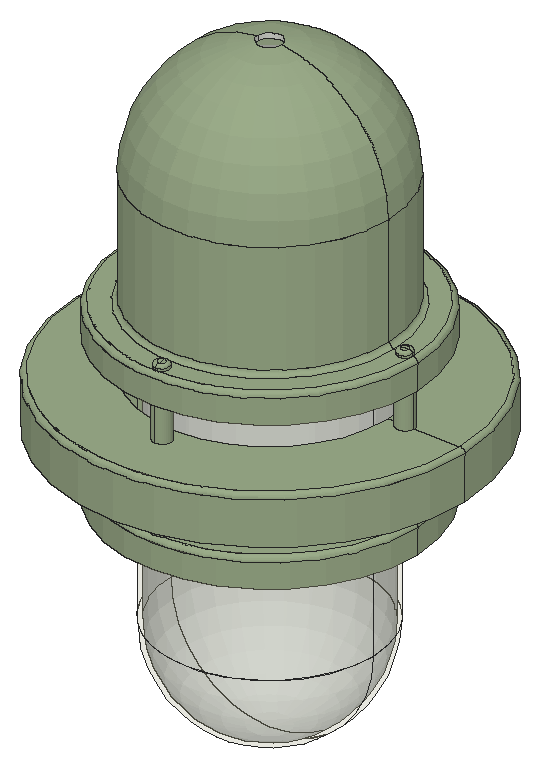
Revit family "LC4 SHADE", category Lighting Fixtures, Revit 2024
Family settings
  Round Connector Dimension = Use Diameter
  Part Type = Normal
  OmniClass Number = 23.80.70.00
  OmniClass Title = Lighting
  Work Plane-Based = No
  Always vertical = Yes
  Cut with Voids When Loaded = No
  Light Source = Yes
  Maintain Annotation Orientation = No
  Shared = No
  Room Calculation Point = No
Parameters
  Wattage = 9.2903 W
  built-in parameter 1150110 = 1 (stored number, unit not read)
  built-in parameter 1114217 = 1 (stored number, unit not read)
  built-in parameter 1150109 = 1 (stored number, unit not read)
  built-in parameter 1150134 = 3
  built-in parameter 1150113 = 1 (stored number, unit not read)
  built-in parameter 1150105 = 439.27 (stored number, unit not read)
  Lumens = 1380 lm
  built-in parameter 1150115 = 1 (stored number, unit not read)
  Light Source Symbol Size = 2' - 0"
  built-in parameter 1150137 = (empty or 0)
  built-in parameter 1150139 = (empty or 0)
  built-in parameter 1150112 = 1 (stored number, unit not read)
  built-in parameter 1150114 = 1 (stored number, unit not read)
  built-in parameter 1150132 = (empty or 0)
  built-in parameter 1150102 = (empty or 0)
  built-in parameter 1150107 = 3200 (stored number, unit not read)
  built-in parameter 1150138 = (empty or 0)
  built-in parameter 1150106 = 4.3927 (stored number, unit not read)
  built-in parameter 1150104 = 13.8 (stored number, unit not read)
  Dimming Lamp Color Temperature Shift = (empty or 0)
  Default Elevation = 0' - 0"
  Color Filter = 16777215
  built-in parameter 1114218 = 1 (stored number, unit not read)
  built-in parameter 1150133 = 10 (stored number, unit not read)
Reference planes (in)
  plane 1 "Light Source Axis (F/B)": y = 0
  plane 2: z = 0
  plane 3 "Light Source Axis (L/R)": x = 0
  plane 4 "Light Source Elevation": z = 54
Forms (in)
  Revolve 1, solid
    sketch origin (0, 0, 0) x (1, 0, 0) y (0, 0, 1)
      loop
        line (0, 49.58336) -> (0, 49.67711)
        arc (0, 49.67711) -> (-1.47167, 50.2867) -> (-2.08125, 51.75836) r 2.08125
        line (-2.08125, 51.75836) -> (-2.08125, 57.37493) -> (-2.175, 57.37493) -> (-2.175, 51.75836)
        arc (-2.175, 51.75836) -> (-1.53796, 50.22041) -> (0, 49.58336) r 2.175
      loop
        arc (-0.25, 62.57083) -> (-1.85405, 61.76041) -> (-2.5, 60.08336) r 2.5
        line (-2.5, 60.08336) -> (-2.5, 57.78336)
        arc (-2.5, 57.78336) -> (-2.52929, 57.71265) -> (-2.6, 57.68336) r 0.1
        line (-2.6, 57.68336) -> (-3, 57.68336)
        arc (-3, 57.68336) -> (-3.07071, 57.65407) -> (-3.1, 57.58336) r 0.1
        line (-3.1, 57.58336) -> (-3.1, 57.08336) -> (-3.00625, 57.08336) -> (-3.00625, 57.58961) -> (-2.6, 57.58961)
        arc (-2.6, 57.58961) -> (-2.463, 57.64636) -> (-2.40625, 57.78336) r 0.19375
        line (-2.40625, 57.78336) -> (-2.40625, 60.08336)
        arc (-2.40625, 60.08336) -> (-1.78768, 61.69403) -> (-0.25, 62.47659) r 2.40625
        line (-0.25, 62.47659) -> (-0.25, 62.57083)
      loop
        line (-2.5, 56.34168) -> (-3.99375, 56.34168)
        arc (-3.99375, 56.34168) -> (-4.06446, 56.31239) -> (-4.09375, 56.24168) r 0.1
        line (-4.09375, 56.24168) -> (-4.09375, 55.34168) -> (-4, 55.34168) -> (-4, 56.24793) -> (-2.5, 56.24793) -> (-2.5, 56.34168)
      loop
        line (-2.5, 54.6) -> (-3, 54.6)
        arc (-3, 54.6) -> (-3.07071, 54.57071) -> (-3.1, 54.5) r 0.1
        line (-3.1, 54.5) -> (-3.1, 54) -> (-3.00625, 54) -> (-3.00625, 54.50625) -> (-2.5, 54.50625) -> (-2.5, 54.6)
      axis (0, 62.57083) -> (0, 49.58336)
    angle from 0 to 360
  Sweep 2, solid
    path origin (0, 0, 0) x (1, 0, 0) y (0, 0, 1)
      loop
        line (-2.83276, 57.58961) -> (-2.83276, 54.6)
    profile origin (-2.83276, 0, 56.09481) x (0, -1, 0) y (1, 0, 0)
      loop
        circle (0, 0) r 0.1875
  Revolve 3, solid
    sketch origin (0, 0, 0) x (1, 0, 0) y (0, 0, 1)
      loop
        line (-2.83276, 57.68336) -> (-2.685, 57.68336) -> (-2.685, 57.72555)
        arc (-2.685, 57.72555) -> (-2.70258, 57.76797) -> (-2.745, 57.78555) r 0.06
        line (-2.745, 57.78555) -> (-2.83276, 57.78555) -> (-2.83276, 57.68336)
      axis (-2.83276, 57.68336) -> (-2.83276, 57.78555)
    angle from 0 to 360
  Sweep 4, solid
    path origin (0, 0, 0) x (0, -1, 0) y (0, 0, 1)
      loop
        line (-2.83276, 57.58961) -> (-2.83276, 54.6)
    profile origin (0, 2.83276, 56.09481) x (-1, 0, 0) y (0, -1, 0)
      loop
        circle (0, 0) r 0.1875
  Revolve 5, solid
    sketch origin (0, 0, 0) x (0, -1, 0) y (0, 0, 1)
      loop
        line (-2.83276, 57.68336) -> (-2.685, 57.68336) -> (-2.685, 57.72555)
        arc (-2.685, 57.72555) -> (-2.70258, 57.76797) -> (-2.745, 57.78555) r 0.06
        line (-2.745, 57.78555) -> (-2.83276, 57.78555) -> (-2.83276, 57.68336)
      axis (-2.83276, 57.68336) -> (-2.83276, 57.78555)
    angle from 0 to 360
  Sweep 6, solid
    path origin (0, 0, 0) x (0, 1, 0) y (0, 0, 1)
      loop
        line (-2.83276, 57.58961) -> (-2.83276, 54.6)
    profile origin (0, -2.83276, 56.09481) x (1, 0, 0) y (0, 1, 0)
      loop
        circle (0, 0) r 0.1875
  Revolve 7, solid
    sketch origin (0, 0, 0) x (0, 1, 0) y (0, 0, 1)
      loop
        line (-2.83276, 57.68336) -> (-2.685, 57.68336) -> (-2.685, 57.72555)
        arc (-2.685, 57.72555) -> (-2.70258, 57.76797) -> (-2.745, 57.78555) r 0.06
        line (-2.745, 57.78555) -> (-2.83276, 57.78555) -> (-2.83276, 57.68336)
      axis (-2.83276, 57.68336) -> (-2.83276, 57.78555)
    angle from 0 to 360
  Sweep 8, solid
    path origin (0, 0, 0) x (-1, 0, 0) y (0, 0, 1)
      loop
        line (-2.83276, 57.58961) -> (-2.83276, 54.6)
    profile origin (2.83276, 0, 56.09481) x (0, 1, 0) y (-1, 0, 0)
      loop
        circle (0, 0) r 0.1875
  Revolve 9, solid
    sketch origin (0, 0, 0) x (-1, 0, 0) y (0, 0, 1)
      loop
        line (-2.83276, 57.68336) -> (-2.685, 57.68336) -> (-2.685, 57.72555)
        arc (-2.685, 57.72555) -> (-2.70258, 57.76797) -> (-2.745, 57.78555) r 0.06
        line (-2.745, 57.78555) -> (-2.83276, 57.78555) -> (-2.83276, 57.68336)
      axis (-2.83276, 57.68336) -> (-2.83276, 57.78555)
    angle from 0 to 360
Dimensions and locks (in)
  aligned and locked: level to plane 2
